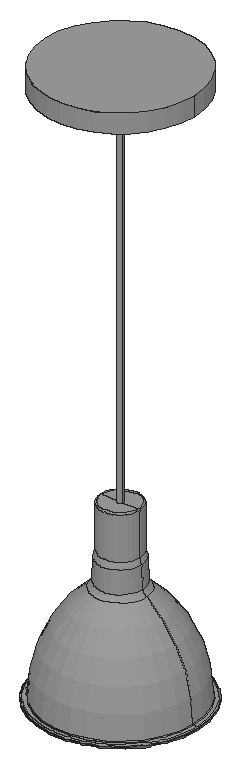
Revit family "Alcon-15240-8-Revit-Family", category Lighting Fixtures, host Ceiling, Revit 2025
Family settings
  Host = Ceiling
  Round Connector Dimension = Use Diameter
  Part Type = Normal
  Always vertical = Yes
  Cut with Voids When Loaded = No
  Light Source = Yes
  Maintain Annotation Orientation = No
  Shared = No
  Room Calculation Point = No
Parameters
  Wattage = 9.2903 W
  built-in parameter 1150110 = 1 (stored number, unit not read)
  URL = "https://www.alconlighting.com/?srsltid=AfmBOooDPhGQ0dEP-X2PMtxFfvvWpIAEL4jCll_O2F4_to5onvhnBomy"
  built-in parameter 1114217 = 1 (stored number, unit not read)
  Tilt Angle = 90.00°
  built-in parameter 1150109 = 1 (stored number, unit not read)
  built-in parameter 1150134 = 3
  built-in parameter 1150113 = 1 (stored number, unit not read)
  built-in parameter 1010507 = 1.5708 (stored number, unit not read)
  built-in parameter 1010506 = 0.5236 (stored number, unit not read)
  Product Page = "https://www.alconlighting.com/15240-8.html"
  Model = "15240-8"
  Manufacturer = "Alcon Lighting"
  built-in parameter 1150105 = 4614.1 (stored number, unit not read)
  Lumens = 1380 lm
  built-in parameter 1150115 = 1 (stored number, unit not read)
  Light Source Symbol Length = 10' - 0"
  built-in parameter 1150137 = (empty or 0)
  built-in parameter 1150139 = (empty or 0)
  built-in parameter 1150112 = 1 (stored number, unit not read)
  built-in parameter 1150114 = 1 (stored number, unit not read)
  built-in parameter 1150132 = (empty or 0)
  built-in parameter 1150102 = (empty or 0)
  built-in parameter 1150107 = 3200 (stored number, unit not read)
  built-in parameter 1150138 = (empty or 0)
  built-in parameter 1150106 = 46.141 (stored number, unit not read)
  built-in parameter 1150104 = 13.8 (stored number, unit not read)
  Dimming Lamp Color Temperature Shift = (empty or 0)
  Default Elevation = 0' - 0"
  Cord Length = 1' - 8"
  Color Filter = 16777215
  Body = Default
  built-in parameter 1114218 = 1 (stored number, unit not read)
  built-in parameter 1150133 = 10 (stored number, unit not read)
Reference planes (in)
  plane 1 "Center (Front/Back)": y = 0
  plane 2 "Ceiling": z = 96
  plane 3 "Center (Left/Right)": x = 0
Forms (in)
  Extrusion 1, solid, material "Default" <- "Body"
    sketch origin (0, 0, 96) x (1, 0, 0) y (0, 1, 0)
      loop
        circle (0, 0) r 4
    from 0 to -1
  Extrusion 2, solid, material "Default" <- "Body"
    sketch origin (0, 0, 95) x (0, 1, 0) y (1, 0, 0)
      loop
        circle (0, 0) r 0.16002
    from 0 to 20
  Revolve 3, solid, material "Default" <- "Body"
    sketch origin (0, 0, 0) x (1, 0, 0) y (0, 0, 1)
      loop
        line (0.00088, 75) -> (0.00088, 74.56633) -> (0.97911, 74.56633)
        arc (0.97911, 74.56633) -> (1.01387, 74.55193) -> (1.02827, 74.51716) r 0.04917
        line (1.02827, 74.51716) -> (1.02827, 72.66035) -> (1.14411, 72.32395) -> (1.16438, 71.16253)
        arc (1.16438, 71.16253) -> (1.26191, 70.99334) -> (1.38689, 70.84329) r 1.13969
        arc (1.38689, 70.84329) -> (3.241, 68.52406) -> (3.90085, 65.62903) r 6.64986
        arc (3.90085, 65.62903) -> (3.92239, 65.57691) -> (3.97449, 65.55532) r 0.07364
        line (3.97449, 65.55532) -> (4.1575, 65.55532)
        arc (4.1575, 65.55532) -> (4.18547, 65.54373) -> (4.19706, 65.51576) r 0.03956
        line (4.19706, 65.51576) -> (4.19706, 65.47731)
        arc (4.19706, 65.47731) -> (4.1858, 65.45012) -> (4.15861, 65.43886) r 0.03844
        line (4.15861, 65.43886) -> (4.09298, 65.43886) -> (4.09298, 65.40761) -> (4.14489, 65.40761)
        arc (4.14489, 65.40761) -> (4.20388, 65.43205) -> (4.22831, 65.49103) r 0.08342
        line (4.22831, 65.49103) -> (4.22831, 65.53748)
        arc (4.22831, 65.53748) -> (4.21393, 65.57219) -> (4.17923, 65.58657) r 0.04908
        line (4.17923, 65.58657) -> (3.96966, 65.58657)
        arc (3.96966, 65.58657) -> (3.94307, 65.59759) -> (3.93209, 65.6242) r 0.03757
        arc (3.93209, 65.6242) -> (3.2706, 68.53462) -> (1.4078, 70.86659) r 6.68111
        arc (1.4078, 70.86659) -> (1.28891, 71.00926) -> (1.19551, 71.16978) r 1.10844
        line (1.19551, 71.16978) -> (1.17526, 72.32944) -> (1.05952, 72.66558) -> (1.05952, 74.93928)
        arc (1.05952, 74.93928) -> (1.04174, 74.98221) -> (0.9988, 75) r 0.06072
        line (0.9988, 75) -> (0.00088, 75)
      axis (0.00088, 75) -> (0.00088, 65.40761)
    angle from 0 to 360
Dimensions and locks (in)
  equal spacing: host sketch curve, plane 3 "Center (Left/Right)", host sketch curve
  equal spacing: host sketch curve, plane 1 "Center (Front/Back)", host sketch curve
  host sketch curve to host sketch curve = 10' - 0"  (x2)
  "Cord Length": Extrusion 2 to Extrusion 2
  aligned and locked: Extrusion 2 to Extrusion 1
  aligned and locked: Extrusion 2 to Revolve 3 sketch curve
  aligned and locked: imposter light to Revolve 3
Automatic sketch dimensions
  plane 1 "Center (Front/Back)" to Extrusion 1 sketch curve = 0' - 0"
  Extrusion 1 sketch curve to plane 3 "Center (Left/Right)" = 0' - 0"
  Revolve 3 sketch curve to Revolve 3 sketch curve = 0' - 0"  (x5)
  Revolve 3 sketch curve to plane 3 "Center (Left/Right)" = 0' - 2.74901"
  Revolve 3 sketch curve to Revolve 3 sketch curve = 0' - 2.74989"
  Revolve 3 sketch curve to Revolve 3 sketch curve = 0' - 0.97823"
  Revolve 3 sketch curve to Revolve 3 sketch curve = 0' - 0.01969"
  Revolve 3 sketch curve to Revolve 3 sketch curve = 0' - 0.04917"
  Revolve 3 sketch curve to Revolve 3 sketch curve = 0' - 0.06072"
  Revolve 3 sketch curve to Revolve 3 sketch curve = 0' - 0.08458"
  Revolve 3 sketch curve to Revolve 3 sketch curve = 0' - 0.02027"
  Revolve 3 sketch curve to Revolve 3 sketch curve = 0' - 0.03116"
  Revolve 3 sketch curve to Revolve 3 sketch curve = 0' - 0.03113"
  Revolve 3 sketch curve to Revolve 3 sketch curve = 0' - 1.00138"
  Revolve 3 sketch curve to Revolve 3 sketch curve = 0' - 2.77416"
  Revolve 3 sketch curve to Revolve 3 sketch curve = 0' - 0.00482"  (x2)
  Revolve 3 sketch curve to Revolve 3 sketch curve = 0' - 0.11849"
  Revolve 3 sketch curve to Revolve 3 sketch curve = 0' - 0.05191"
  Revolve 3 sketch curve to Revolve 3 sketch curve = 0' - 0.01261"
  Revolve 3 sketch curve to Revolve 3 sketch curve = 0' - 0.01372"  (x2)
  Revolve 3 sketch curve to Revolve 3 sketch curve = 0' - 0.02173"
  Revolve 3 sketch curve to Revolve 3 sketch curve = 0' - 0.01783"
  Revolve 3 sketch curve to Revolve 3 sketch curve = 0' - 0 1/32"  (x2)
  Revolve 3 sketch curve to Revolve 3 sketch curve = 0' - 0.37295"
  Revolve 3 sketch curve to Revolve 3 sketch curve = 0' - 1.85159"
  Revolve 3 sketch curve to Revolve 3 sketch curve = 0' - 0.00523"
  Revolve 3 sketch curve to Revolve 3 sketch curve = 0' - 0.33614"
  Revolve 3 sketch curve to Revolve 3 sketch curve = 0' - 0.00549"
  Revolve 3 sketch curve to Revolve 3 sketch curve = 0' - 0.6844"
  Revolve 3 sketch curve to Revolve 3 sketch curve = 0' - 0.47526"
  Revolve 3 sketch curve to Revolve 3 sketch curve = 0' - 0.00725"
  Revolve 3 sketch curve to Revolve 3 sketch curve = 0' - 5.52645"
  Revolve 3 sketch curve to Revolve 3 sketch curve = 0' - 5.54082"
  Revolve 3 sketch curve to Revolve 3 sketch curve = 0' - 0.04239"
  Revolve 3 sketch curve to Revolve 3 sketch curve = 0' - 0.02473"
  Revolve 3 sketch curve to Revolve 3 sketch curve = 0' - 0.19138"
  Revolve 3 sketch curve to Revolve 3 sketch curve = 0' - 0.02091"
  Revolve 3 sketch curve to Revolve 3 sketch curve = 0' - 0.06281"
  Revolve 3 sketch curve to Revolve 3 sketch curve = 0' - 0.02461"
  radius of Extrusion 1 sketch curve = 0' - 4"
  radius of Extrusion 2 sketch curve to Extrusion 1 = 0' - 3.83998"
